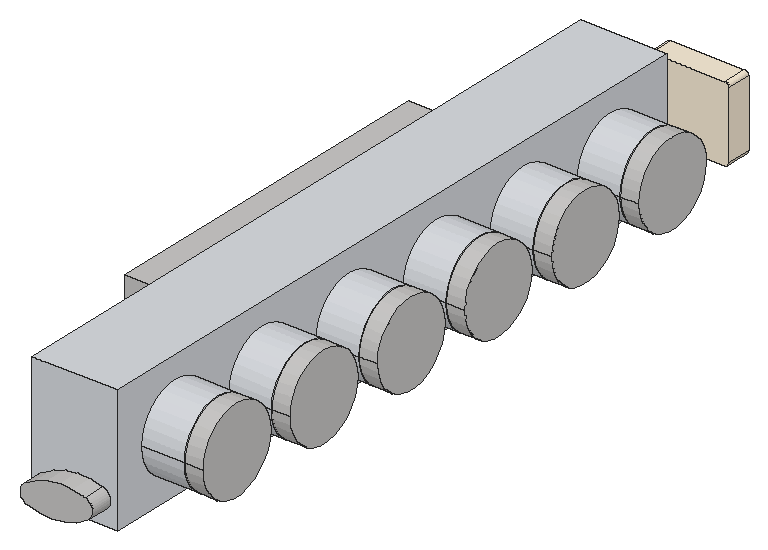
Revit family "HVAC_Ductwork_Airzone_Motorized-Plenum_Samsung_Standard_6-Dampers", category Mechanical Equipment, Revit 2016
Family settings
  Part Type = Normal
  Round Connector Dimension = Use Diameter
  OmniClass Number = 23.75.70.14
  OmniClass Title = Air Ductwork
  Work Plane-Based = No
  Always vertical = Yes
  Cut with Voids When Loaded = No
  Shared = No
  Room Calculation Point = No
Parameters (values of type "SAMST01M6")
  Voltage = 230 V
  URL = "www.airzone.es"
  Type Image Comments = "Image available in product documentation download"  # constant formula
  Revit Model Version = "1.0"  # constant formula
  Revit Model Author URL = "www.a3d.es"
  Revit Model Author = "A3D Consulting"  # constant formula
  Product Documentation Download URL = "http://doc.airzone.es/BIM/Easyzone/Samsung-Airzone_motorized_plenum.zip"
  Product Comments = "Refer to technical documentation for further details"  # constant formula
  Power Factor = 1
  Neck Width = 847.600 mm
  Neck Length = 95.000 mm
  Neck Height = 188.600 mm
  Material = Metal - AIRZONE - Galvanized Sheet - Semi-polished
  Main Control Board Material = Plastic - AIRZONE - Smooth - Off-white
  Load Classification = Other
  Insulated Body Width = 205.000 mm  # constant formula
  Insulated Body Material = Metal -AIRZONE - Insulating Lining -Aluminum Finish
  Insulated Body Length = 1638.600 mm  # constant formula
  Insulated Body Height = 300.000 mm  # constant formula
  Flow [instance] = Damper 6 Air Flow + Damper 5 Air Flow + Damper 4 Air Flow + Damper 3 Air Flow + Damper 2 Air Flow + Damper 1 Air Flow - Fresh Air Inlet 2 Flow - Fresh Air Inlet 1 Flow  # 1800 m³/h
  Fresh Air Inlet 1 Flow [instance] = 0 m³/h
  Fresh Air Inlet 2 Flow [instance] = 0 m³/h
  Fresh Air Inlet Connection Width = 175.000 mm
  Fresh Air Inlet Connection Height = 75.000 mm
  Model = "SAMST01M6"
  Neck Side Offset = 395.500 mm
  Neck Bottom Offset = 78.200 mm
  Type Image = <None>
  Manufacturer = "AIRZONE"  # constant formula
  Main Control Board Depth = 57.000 mm  # constant formula
  Main Control Board Width = 195.000 mm  # constant formula
  Main Control Board Height = 180.000 mm  # constant formula
  Fixing = ""
  Disclaimer = "All information provided in this model is reviewed before being published. However, Airzone cannot guarantee this model is error-free, therefore users are strongly encouraged to check for technical documentation and updates"  # constant formula
  Description = "Airzone standard motorized plenum with neck that mechanically adapts to the main ducted AC units of Samsung."
  Type Comments = ""
  Dampers Length = 149.000 mm  # constant formula
  Dampers Diameter = 200.000 mm  # constant formula
  Damper 6 Air Flow [instance] = 300 m³/h
  Damper 5 Air Flow [instance] = 300 m³/h
  Damper 4 Air Flow [instance] = 300 m³/h
  Damper 1 Air Flow [instance] = 300 m³/h
  Damper 2 Air Flow [instance] = 300 m³/h
  Damper 3 Air Flow [instance] = 300 m³/h
  Fresh Air Inlet Connection Offset Height = 48.305 mm  # constant formula
  Compatible Accesories = ""
  Apparent Load = 57.5 VA
Types (11, lengths in mm): name | Neck Width | Neck Height | Model | Neck Side Offset | Neck Bottom Offset
  SAMST06L6 | 1120.600 | 223.600 | "SAMST06L6" | 234.000 | 43.200
  SAMST06M6 | 820.600 | 223.600 | "SAMST06M6" | 409.000 | 43.200
  SAMST05L6 | 907.600 | 232.600 | "SAMST05L6" | 365.500 | 33.700
  SAMST05M6 | 907.600 | 188.600 | "SAMST05M6" | 365.500 | 78.200
  SAMST04L6 | 1263.600 | 251.600 | "SAMST04L6" | 187.500 | 24.200
  SAMST03L6 | 1170.600 | 223.600 | "SAMST03L6" | 234.000 | 43.200
  SAMST03M6 | 820.600 | 223.600 | "SAMST03M6" | 409.000 | 43.200
  SAMST02XL6 | 1003.600 | 256.600 | "SAMST02XL6" | 317.500 | 21.700
  SAMST02L6 | 907.600 | 232.600 | "SAMST02L6" | 365.500 | 33.700
  SAMST01L6 | 907.600 | 188.600 | "SAMST01L6" | 365.500 | 78.200
  SAMST01M6 | 847.600 | 188.600 | "SAMST01M6" | 395.500 | 78.200
Reference planes
  plane 1 "Center (Front/Back)": y = 0
  plane 2 "Center (Elevation)": z = 0
  plane 3 "Center (Left/Right)": x = 0
  plane 4 "Neck Back": y = 423.8
  plane 5 "Neck Front": y = -423.8
  plane 6 "Neck Top": z = 94.3
  plane 7 "Neck Bottom": z = -94.3
  plane 8 "Left": x = 95
  plane 9 "Bottom": z = -172.5
  plane 10 "Top": z = 127.5
  plane 11 "Front": y = -819.3
  plane 12 "Back": y = 819.3
  plane 13 "Right": x = 300
  plane 14 "Dampers Front": x = 449
  plane 15 "Dampers Center (Elevation)": z = -22.5
  plane 16 "Damper3": y = 130
  plane 17 "Damper2": y = 390
  plane 18 "Damper1": y = 650
  plane 19 "Middle": y = 0
  plane 20 "FreshAir Center (Elevation)": z = -124.195
  plane 21 "FreshAir1": y = 871.8
  plane 22 "FreshAir2": y = -871.8
  plane 23 "Dampers Lining": x = 404
  plane 24 "FreshAir Vertical Axis": x = 195.83
  plane 25 "ConnectionBox Side": x = 254
  plane 26 "Main Control Board Center (Left/Right)": x = 351.5
  plane 27 "Damper4": y = -130
  plane 28 "Damper5": y = -390
  plane 29 "Damper6": y = -650
Forms (mm)
  Extrusion 1, solid, material "Metal - AIRZONE - Galvanized Sheet - Semi-polished" <- "Material"
    sketch origin (0, 0, 0) x (0, 1, 0) y (0, 0, 1)
      loop
        line (-423.8, 94.3) -> (-423.8, -94.3) -> (423.8, -94.3) -> (423.8, 94.3) -> (-423.8, 94.3)
    from 0 to 95
  Extrusion 2, solid, material "Metal -AIRZONE - Insulating Lining -Aluminum Finish" <- "Insulated Body Material"
    sketch origin (95, 0, 0) x (0, 1, 0) y (0, 0, 1)
      loop
        line (-819.3, 127.5) -> (-819.3, -172.5) -> (819.3, -172.5) -> (819.3, 127.5) -> (-819.3, 127.5)
    from 0 to 205
  Extrusion 3, solid, material "Metal - AIRZONE - Galvanized Sheet - Semi-polished" <- "Material"
    sketch origin (300, 0, 0) x (0, 1, 0) y (0, 0, 1)
      loop
        circle (130, -22.5) r 100
    from 104 to 149
  Extrusion 4, solid, material "Metal - AIRZONE - Galvanized Sheet - Semi-polished" <- "Material"
    sketch origin (300, 0, 0) x (0, 1, 0) y (0, 0, 1)
      loop
        circle (390, -22.5) r 100
    from 104 to 149
  Extrusion 5, solid, material "Metal - AIRZONE - Galvanized Sheet - Semi-polished" <- "Material"
    sketch origin (300, 0, 0) x (0, 1, 0) y (0, 0, 1)
      loop
        circle (650, -22.5) r 100
    from 104 to 149
  Extrusion 6, solid, material "Metal - AIRZONE - Galvanized Sheet - Semi-polished" <- "Material"
    sketch origin (0, -819.3, 0) x (0, 0, 1) y (1, 0, 0)
      loop
        arc (-91.641, 265.204) -> (-113.108, 282.105) -> (-137.812, 270.434) r 25.96
        arc (-137.812, 270.434) -> (-163.802, 200.598) -> (-156.349, 126.456) r 164.67
        arc (-156.349, 126.456) -> (-135.165, 109.589) -> (-110.494, 120.751) r 25.96
        arc (-110.494, 120.751) -> (-84.225, 190.78) -> (-91.641, 265.204) r 164.67
    from 0 to -52.5
  Extrusion 7, solid, material "Metal - AIRZONE - Galvanized Sheet - Semi-polished" <- "Material"
    sketch origin (0, 819.3, 0) x (0, 0, 1) y (1, 0, 0)
      loop
        arc (-91.641, 265.204) -> (-112.825, 282.071) -> (-137.496, 270.909) r 25.96
        arc (-137.496, 270.909) -> (-163.679, 201.53) -> (-156.767, 127.699) r 164.67
        arc (-156.767, 127.699) -> (-135.532, 109.637) -> (-110.178, 121.226) r 25.96
        arc (-110.178, 121.226) -> (-84.188, 191.062) -> (-91.641, 265.204) r 164.67
    from 0 to 52.5
  Extrusion 8, solid, material "Metal -AIRZONE - Insulating Lining -Aluminum Finish" <- "Insulated Body Material"
    sketch origin (300, 0, 0) x (0, 1, 0) y (0, 0, 1)
      loop
        circle (650, -22.5) r 100
    from 0 to 104
  Extrusion 9, solid, material "Metal -AIRZONE - Insulating Lining -Aluminum Finish" <- "Insulated Body Material"
    sketch origin (300, -260, 0) x (0, 1, 0) y (0, 0, 1)
      loop
        circle (650, -22.5) r 100
    from 0 to 104
  Extrusion 10, solid, material "Metal -AIRZONE - Insulating Lining -Aluminum Finish" <- "Insulated Body Material"
    sketch origin (300, -520, 0) x (0, 1, 0) y (0, 0, 1)
      loop
        circle (650, -22.5) r 100
    from 0 to 104
  Extrusion 11, solid, material "Metal - AIRZONE - Galvanized Sheet - Semi-polished" <- "Material"
    sketch origin (300, -190, 0) x (0, 1, 0) y (0, 0, 1)
      loop
        circle (60, -22.5) r 100
    from 104 to 149
  Extrusion 12, solid, material "Metal -AIRZONE - Insulating Lining -Aluminum Finish" <- "Insulated Body Material"
    sketch origin (300, -710, 0) x (0, 1, 0) y (0, 0, 1)
      loop
        circle (580, -22.5) r 100
    from 0 to 104
  Extrusion 13, solid, material "Metal -AIRZONE - Insulating Lining -Aluminum Finish" <- "Insulated Body Material"
    sketch origin (300, -970, 0) x (0, 1, 0) y (0, 0, 1)
      loop
        circle (580, -22.5) r 100
    from 0 to 104
  Extrusion 14, solid, material "Metal - AIRZONE - Galvanized Sheet - Semi-polished" <- "Material"
    sketch origin (300, -450, 0) x (0, 1, 0) y (0, 0, 1)
      loop
        circle (60, -22.5) r 100
    from 104 to 149
  Extrusion 15, solid, material "Metal -AIRZONE - Insulating Lining -Aluminum Finish" <- "Insulated Body Material"
    sketch origin (300, -1230, 0) x (0, 1, 0) y (0, 0, 1)
      loop
        circle (580, -22.5) r 100
    from 0 to 104
  Extrusion 16, solid, material "Metal - AIRZONE - Galvanized Sheet - Semi-polished" <- "Material"
    sketch origin (300, -710, 0) x (0, 1, 0) y (0, 0, 1)
      loop
        circle (60, -22.5) r 100
    from 104 to 149
Lines and regions (mm)
  Masking region 1
    outline origin (0, 0, 0) x (1, 0, 0) y (0, 1, 0)
      loop
        line (95, 819.3) -> (95, -819.3) -> (300, -819.3) -> (300, 819.3) -> (95, 819.3)
  Masking region 2, detail levels medium+fine
    outline origin (0, 0, 0) x (1, 0, 0) y (0, 1, 0)
      loop
        line (0, 423.8) -> (0, -423.8) -> (95, -423.8) -> (95, 423.8) -> (0, 423.8)
  Masking region 3, detail levels medium+fine
    outline origin (0, 0, 0) x (1, 0, 0) y (0, 1, 0)
      loop
        line (300, 230) -> (300, 30) -> (449, 30) -> (449, 230) -> (300, 230)
  Masking region 4, detail levels medium+fine
    outline origin (0, 260, 0) x (1, 0, 0) y (0, 1, 0)
      loop
        line (300, 230) -> (300, 30) -> (449, 30) -> (449, 230) -> (300, 230)
  Masking region 5, detail levels medium+fine
    outline origin (0, 520, 0) x (1, 0, 0) y (0, 1, 0)
      loop
        line (300, 230) -> (300, 30) -> (449, 30) -> (449, 230) -> (300, 230)
  Masking region 6, detail levels medium+fine
    outline origin (0, 0, -124.195) x (1, 0, 0) y (0, 1, 0)
      loop
        line (108.33, 871.8) -> (108.33, 819.3) -> (283.33, 819.3) -> (283.33, 871.8) -> (108.33, 871.8)
  Masking region 7, detail levels medium+fine
    outline origin (0, 0, -124.195) x (1, 0, 0) y (0, 1, 0)
      loop
        line (108.33, -819.3) -> (108.33, -871.8) -> (283.33, -871.8) -> (283.33, -819.3) -> (108.33, -819.3)
  Masking region 8, detail levels medium+fine
    outline origin (0, 0, 127.5) x (0, -1, 0) y (1, 0, 0)
      loop
        line (-876.3, 254) -> (-819.3, 254) -> (-819.3, 449) -> (-876.3, 449) -> (-876.3, 254)
  Masking region 9, detail levels medium+fine
    outline origin (0, -190, 0) x (1, 0, 0) y (0, 1, 0)
      loop
        line (300, 160) -> (300, -40) -> (449, -40) -> (449, 160) -> (300, 160)
  Masking region 10, detail levels medium+fine
    outline origin (0, -450, 0) x (1, 0, 0) y (0, 1, 0)
      loop
        line (300, 160) -> (300, -40) -> (449, -40) -> (449, 160) -> (300, 160)
  Masking region 11, detail levels medium+fine
    outline origin (0, -710, 0) x (1, 0, 0) y (0, 1, 0)
      loop
        line (300, 160) -> (300, -40) -> (449, -40) -> (449, 160) -> (300, 160)
  symbolic lines, detail levels coarse
    curve 1: line (95, -819.3, 0) -> (300, 130, 0)
    curve 2: line (300, 130, 0) -> (95, 819.3, 0)
Dimensions and locks
  equal spacing: plane 4 "Neck Back", plane 1 "Center (Front/Back)", plane 5 "Neck Front"
  "Neck Width": plane 4 "Neck Back" to plane 5 "Neck Front"
  equal spacing: plane 6 "Neck Top", level, plane 7 "Neck Bottom"
  "Neck Height": plane 6 "Neck Top" to plane 7 "Neck Bottom"
  "Neck Length": plane 3 "Center (Left/Right)" to plane 8 "Left"
  "Neck Bottom Offset": plane 7 "Neck Bottom" to plane 9 "Bottom"
  "Insulated Body Height": plane 10 "Top" to plane 9 "Bottom"
  "Insulated Body Length": plane 12 "Back" to plane 11 "Front"
  "Insulated Body Width": plane 8 "Left" to plane 13 "Right"
  "Dampers Length": plane 13 "Right" to plane 14 "Dampers Front"
  equal spacing: plane 10 "Top", plane 15 "Dampers Center (Elevation)", plane 9 "Bottom"
  equal spacing: plane 12 "Back", plane 19 "Middle", plane 11 "Front"
  plane 8 "Left" to plane 13 "Right" = 205.000 mm
  "Fresh Air Inlet Connection Offset Height": plane 20 "FreshAir Center (Elevation)" to plane 9 "Bottom"
  locked: Extrusion 6 sketch curve to plane 9 "Bottom" at 56.47
  locked: plane 13 "Right" to Extrusion 6 sketch curve at 43.69
  locked: plane 13 "Right" to Extrusion 6 sketch curve at 164.65
  locked: Extrusion 6 sketch curve to plane 9 "Bottom" at 40.54
  locked: plane 13 "Right" to Extrusion 6 sketch curve at 87.91
  locked: plane 9 "Bottom" to Extrusion 6 sketch curve at 75.01
  locked: plane 13 "Right" to Extrusion 6 sketch curve at 120.43
  locked: Extrusion 6 sketch curve to plane 9 "Bottom" at 172.02
  locked: plane 13 "Right" to Extrusion 7 sketch curve at 43.69
  locked: Extrusion 7 sketch curve to plane 9 "Bottom" at 56.47
  locked: Extrusion 7 sketch curve to plane 9 "Bottom" at 40.54
  locked: plane 13 "Right" to Extrusion 7 sketch curve at 164.65
  locked: plane 13 "Right" to Extrusion 7 sketch curve at 120.43
  locked: Extrusion 7 sketch curve to plane 9 "Bottom" at 172.02
  locked: plane 9 "Bottom" to Extrusion 7 sketch curve at 75.01
  locked: plane 13 "Right" to Extrusion 7 sketch curve at 87.91
  "Neck Side Offset": plane 12 "Back" to plane 4 "Neck Back"
  locked: plane 21 "FreshAir1" to plane 12 "Back" at 52.5
  plane 11 "Front" to plane 22 "FreshAir2" = 52.500 mm
  locked: connector elem to plane 13 "Right" at 104.17
  locked: plane 20 "FreshAir Center (Elevation)" to connector elem
  locked: plane 13 "Right" to connector elem at 104.17
  locked: connector elem to plane 20 "FreshAir Center (Elevation)"
  locked: plane 23 "Dampers Lining" to plane 14 "Dampers Front" at 45
  locked: plane 24 "FreshAir Vertical Axis" to plane 13 "Right" at 104.17
  equal spacing: Masking region 3 sketch curve, plane 16 "Damper3", Masking region 3 sketch curve
  "Dampers Diameter": Masking region 3 sketch curve to Masking region 3 sketch curve
  "Dampers Diameter": Masking region 4 sketch curve to Masking region 4 sketch curve
  equal spacing: Masking region 5 sketch curve, plane 18 "Damper1", Masking region 5 sketch curve
  "Dampers Diameter": Masking region 5 sketch curve to Masking region 5 sketch curve
  equal spacing: Masking region 6 sketch curve, plane 24 "FreshAir Vertical Axis", Masking region 6 sketch curve
  "Fresh Air Inlet Connection Width": Masking region 6 sketch curve to Masking region 6 sketch curve
  equal spacing: Masking region 7 sketch curve, plane 24 "FreshAir Vertical Axis", Masking region 7 sketch curve
  "Fresh Air Inlet Connection Width": Masking region 7 sketch curve to Masking region 7 sketch curve
  "Main Control Board Depth": Masking region 8 sketch curve to plane 12 "Back"
  "Main Control Board Width": plane 25 "ConnectionBox Side" to plane 14 "Dampers Front"
  equal spacing: plane 25 "ConnectionBox Side", plane 26 "Main Control Board Center (Left/Right)", plane 14 "Dampers Front"
  locked: nested 1 to plane 10 "Top" at 10
  equal spacing: Masking region 4 sketch curve, plane 17 "Damper2", Masking region 4 sketch curve
  equal spacing: Masking region 9 sketch curve, plane 27 "Damper4", Masking region 9 sketch curve
  "Dampers Diameter": Masking region 9 sketch curve to Masking region 9 sketch curve
  plane 18 "Damper1" to plane 17 "Damper2" to plane 16 "Damper3" to plane 27 "Damper4" to plane 28 "Damper5" to plane 29 "Damper6" = 260.000 mm locked, 260.000 mm locked, 260.000 mm locked, 260.000 mm locked, 260.000 mm locked
  locked: plane 16 "Damper3" to plane 19 "Middle" at 130
  equal spacing: Masking region 10 sketch curve, plane 28 "Damper5", Masking region 10 sketch curve
  "Dampers Diameter": Masking region 10 sketch curve to Masking region 10 sketch curve
  equal spacing: Masking region 11 sketch curve, plane 29 "Damper6", Masking region 11 sketch curve
  "Dampers Diameter": Masking region 11 sketch curve to Masking region 11 sketch curve
  "Dampers Diameter": diameter of Extrusion 3 sketch curve
  "Dampers Diameter": diameter of Extrusion 4 sketch curve
  "Dampers Diameter": diameter of Extrusion 5 sketch curve
  radius of Extrusion 7 sketch curve = 164.670 mm  (x2)
  radius of Extrusion 7 sketch curve = 25.960 mm  (x2)
  radius of Extrusion 6 sketch curve = 164.670 mm  (x2)
  radius of Extrusion 6 sketch curve = 25.960 mm  (x2)
  "Dampers Diameter": diameter of Extrusion 8 sketch curve
  "Dampers Diameter": diameter of Extrusion 9 sketch curve
  "Dampers Diameter": diameter of Extrusion 10 sketch curve
  "Dampers Diameter": diameter of Extrusion 11 sketch curve
  "Dampers Diameter": diameter of Extrusion 12 sketch curve
  "Dampers Diameter": diameter of Extrusion 13 sketch curve
  "Dampers Diameter": diameter of Extrusion 14 sketch curve
  "Dampers Diameter": diameter of Extrusion 15 sketch curve
  "Dampers Diameter": diameter of Extrusion 16 sketch curve
  aligned and locked: level to plane 2 "Center (Elevation)"
  aligned and locked: plane 5 "Neck Front" to Extrusion 1 sketch curve
  aligned and locked: Extrusion 1 sketch curve to plane 6 "Neck Top"
  aligned and locked: Extrusion 1 sketch curve to plane 4 "Neck Back"
  aligned and locked: plane 7 "Neck Bottom" to Extrusion 1 sketch curve
  aligned and locked: Extrusion 1 to plane 3 "Center (Left/Right)"
  aligned and locked: Extrusion 2 sketch curve to plane 10 "Top"
  aligned and locked: Extrusion 2 sketch curve to plane 12 "Back"
  aligned and locked: Extrusion 2 sketch curve to plane 9 "Bottom"
  aligned and locked: plane 11 "Front" to Extrusion 2 sketch curve
  aligned and locked: Extrusion 2 to plane 13 "Right"
  aligned and locked: Extrusion 2 to plane 8 "Left"
  aligned and locked: plane 16 "Damper3" to Extrusion 3 sketch curve
  aligned and locked: plane 15 "Dampers Center (Elevation)" to Extrusion 3 sketch curve
  aligned and locked: plane 15 "Dampers Center (Elevation)" to Extrusion 4 sketch curve
  aligned and locked: plane 18 "Damper1" to Extrusion 5 sketch curve
  aligned and locked: plane 15 "Dampers Center (Elevation)" to Extrusion 5 sketch curve
  aligned and locked: plane 14 "Dampers Front" to Extrusion 5
  aligned and locked: plane 14 "Dampers Front" to Extrusion 4
  aligned and locked: plane 14 "Dampers Front" to Extrusion 3
  aligned and locked: plane 8 "Left" to Extrusion 1
  aligned and locked: plane 22 "FreshAir2" to Extrusion 6
  aligned and locked: plane 21 "FreshAir1" to Extrusion 7
  aligned and locked: Extrusion 7 to plane 12 "Back"
  aligned and locked: plane 11 "Front" to Extrusion 6
  aligned and locked: Extrusion 5 to plane 23 "Dampers Lining"
  aligned and locked: Extrusion 5 to Extrusion 4
  aligned and locked: Extrusion 4 to Extrusion 3
  aligned and locked: plane 23 "Dampers Lining" to Extrusion 8
  aligned and locked: Extrusion 10 to plane 13 "Right"
  aligned and locked: plane 23 "Dampers Lining" to Extrusion 10
  aligned and locked: Extrusion 9 to plane 13 "Right"
  aligned and locked: plane 23 "Dampers Lining" to Extrusion 9
  aligned and locked: Extrusion 8 to plane 13 "Right"
  aligned and locked: Extrusion 9 to Extrusion 8
  aligned and locked: plane 18 "Damper1" to Extrusion 8 sketch curve
  aligned and locked: plane 15 "Dampers Center (Elevation)" to Extrusion 8 sketch curve
  aligned and locked: plane 15 "Dampers Center (Elevation)" to Extrusion 9 sketch curve
  aligned and locked: plane 16 "Damper3" to Extrusion 10 sketch curve
  aligned and locked: plane 15 "Dampers Center (Elevation)" to Extrusion 10 sketch curve
  aligned and locked: Masking region 1 sketch curve to plane 12 "Back"
  aligned and locked: Masking region 1 sketch curve to plane 8 "Left"
  aligned and locked: Masking region 1 sketch curve to plane 13 "Right"
  aligned and locked: plane 11 "Front" to Masking region 1 sketch curve
  aligned and locked: plane 5 "Neck Front" to Masking region 2 sketch curve
  aligned and locked: plane 3 "Center (Left/Right)" to Masking region 2 sketch curve
  aligned and locked: Masking region 2 sketch curve to plane 4 "Neck Back"
  aligned and locked: Masking region 2 sketch curve to plane 8 "Left"
  aligned and locked: plane 13 "Right" to Masking region 3 sketch curve
  aligned and locked: Masking region 3 sketch curve to plane 14 "Dampers Front"
  aligned and locked: plane 13 "Right" to Masking region 4 sketch curve
  aligned and locked: Masking region 4 sketch curve to plane 14 "Dampers Front"
  aligned and locked: plane 13 "Right" to Masking region 5 sketch curve
  aligned and locked: Masking region 5 sketch curve to plane 14 "Dampers Front"
  aligned and locked: plane 12 "Back" to Masking region 6 sketch curve
  aligned and locked: Masking region 6 sketch curve to plane 21 "FreshAir1"
  aligned and locked: Masking region 7 sketch curve to plane 11 "Front"
  aligned and locked: Masking region 7 sketch curve to plane 22 "FreshAir2"
  aligned and locked: plane 12 "Back" to Masking region 8 sketch curve
  aligned and locked: Masking region 8 sketch curve to plane 14 "Dampers Front"
  aligned and locked: plane 25 "ConnectionBox Side" to Masking region 8 sketch curve
  aligned and locked: plane 17 "Damper2" to Extrusion 9 sketch curve
  aligned and locked: plane 17 "Damper2" to Extrusion 4 sketch curve
  aligned and locked: Masking region 9 sketch curve to plane 14 "Dampers Front"
  aligned and locked: plane 13 "Right" to Masking region 9 sketch curve
  aligned and locked: Extrusion 12 to plane 13 "Right"
  aligned and locked: plane 23 "Dampers Lining" to Extrusion 12
  aligned and locked: Extrusion 11 to plane 23 "Dampers Lining"
  aligned and locked: plane 14 "Dampers Front" to Extrusion 11
  aligned and locked: plane 15 "Dampers Center (Elevation)" to Extrusion 12 sketch curve
  aligned and locked: plane 27 "Damper4" to Extrusion 12 sketch curve
  aligned and locked: plane 15 "Dampers Center (Elevation)" to Extrusion 11 sketch curve
  aligned and locked: plane 27 "Damper4" to Extrusion 11 sketch curve
  aligned and locked: Masking region 10 sketch curve to plane 14 "Dampers Front"
  aligned and locked: plane 13 "Right" to Masking region 10 sketch curve
  aligned and locked: plane 28 "Damper5" to Extrusion 13 sketch curve
  aligned and locked: plane 15 "Dampers Center (Elevation)" to Extrusion 13 sketch curve
  aligned and locked: Extrusion 14 to plane 23 "Dampers Lining"
  aligned and locked: plane 14 "Dampers Front" to Extrusion 14
  aligned and locked: plane 15 "Dampers Center (Elevation)" to Extrusion 14 sketch curve
  aligned and locked: plane 28 "Damper5" to Extrusion 14 sketch curve
  aligned and locked: Masking region 11 sketch curve to plane 14 "Dampers Front"
  aligned and locked: plane 13 "Right" to Masking region 11 sketch curve
  aligned and locked: Extrusion 15 to plane 13 "Right"
  aligned and locked: plane 23 "Dampers Lining" to Extrusion 15
  aligned and locked: plane 29 "Damper6" to Extrusion 15 sketch curve
  aligned and locked: plane 15 "Dampers Center (Elevation)" to Extrusion 15 sketch curve
  aligned and locked: plane 14 "Dampers Front" to Extrusion 16
  aligned and locked: Extrusion 16 to plane 23 "Dampers Lining"
  aligned and locked: plane 15 "Dampers Center (Elevation)" to Extrusion 16 sketch curve
  aligned and locked: plane 29 "Damper6" to Extrusion 16 sketch curve
  aligned and locked: nested 1 to plane 26 "Main Control Board Center (Left/Right)"
Automatic sketch dimensions
  curve 2 to plane 8 "Left" = 0.000 mm
  curve 1 to plane 8 "Left" = 0.000 mm
  curve 2 to plane 13 "Right" = 0.000 mm
  curve 1 to plane 11 "Front" = 0.000 mm
  curve 2 to plane 16 "Damper3" = 0.000 mm
  curve 2 to plane 12 "Back" = 0.000 mm
Nested families
  nested 1: "Airzone_Main-Control-Board" at (351.5, 819.3, 27.5) x (-1, 0, 0) z (0, 1, 0), Extrusion <- "Main Control Board Depth", Height <- "Main Control Board Height", Width <- "Main Control Board Width", Material <- "Main Control Board Material", type "Standard"
    with Width 195.000 mm, Material Plastic - AIRZONE - Smooth - Off-white, Height 180.000 mm, Extrusion 57.000 mm
Connectors
  hvac at (449, 130, -22.5), driven by "Damper 3 Air Flow", driven by "Dampers Diameter"
    settings: on Extrusion 3, index 1, duct flow 300 m³/h, flow factor 0, pres drop 0.0 Pa, loss coef 0, conn angle 0.00°, conn width 304.8 mm, conn height 304.8 mm, conn diameter 200 mm, duct sys type 1, conn prof type 0, flow config 0, flow direction 2, loss method 0, conn ref index -1, conn util no, is conn primary no, conn desc "Supply Air Out 3"
  hvac at (449, 390, -22.5), driven by "Damper 2 Air Flow", driven by "Dampers Diameter"
    settings: on Extrusion 4, index 2, duct flow 300 m³/h, flow factor 0, pres drop 0.0 Pa, loss coef 0, conn angle 0.00°, conn width 304.8 mm, conn height 304.8 mm, conn diameter 200 mm, duct sys type 1, conn prof type 0, flow config 0, flow direction 2, loss method 0, conn ref index -1, conn util no, is conn primary no, conn desc "Supply Air Out 2"
  hvac at (449, 650, -22.5), driven by "Damper 1 Air Flow", driven by "Dampers Diameter"
    settings: on Extrusion 5, index 3, duct flow 300 m³/h, flow factor 0, pres drop 0.0 Pa, loss coef 0, conn angle 0.00°, conn width 304.8 mm, conn height 304.8 mm, conn diameter 200 mm, duct sys type 1, conn prof type 0, flow config 0, flow direction 2, loss method 0, conn ref index -1, conn util no, is conn primary no, conn desc "Supply Air Out 1"
  hvac at (0, 0, 0), driven by "Flow", driven by "Neck Height", driven by "Neck Width"
    settings: on Extrusion 1, index 6, duct flow 1800 m³/h, flow factor 0, pres drop 0.0 Pa, loss coef 0, conn angle 0.00°, conn width 847.6 mm, conn height 188.6 mm, conn diameter 609.6 mm, duct sys type 1, conn prof type 1, flow config 1, flow direction 1, loss method 0, conn ref index -1, conn util no, is conn primary yes, conn desc "Supply Air In"
  hvac at (195.83, -871.8, -124.195), driven by "Fresh Air Inlet 2 Flow", driven by "Fresh Air Inlet Connection Width", driven by "Fresh Air Inlet Connection Height"
    settings: index 7, duct flow 0 m³/h, flow factor 0, pres drop 0.0 Pa, loss coef 0, conn angle 0.00°, conn width 175 mm, conn height 75 mm, conn diameter 609.6 mm, duct sys type 1, conn prof type 2, flow config 1, flow direction 1, loss method 0, conn ref index -1, conn util no, is conn primary no, conn desc "Fresh Air In 2"
  hvac at (195.83, 871.8, -124.195), driven by "Fresh Air Inlet 1 Flow", driven by "Fresh Air Inlet Connection Height", driven by "Fresh Air Inlet Connection Width"
    settings: index 8, duct flow 0 m³/h, flow factor 0, pres drop 0.0 Pa, loss coef 0, conn angle 0.00°, conn width 175 mm, conn height 75 mm, conn diameter 609.6 mm, duct sys type 1, conn prof type 2, flow config 1, flow direction 1, loss method 0, conn ref index -1, conn util no, is conn primary no, conn desc "Fresh Air In 1"
  hvac at (449, -130, -22.5), driven by "Damper 4 Air Flow", driven by "Dampers Diameter"
    settings: on Extrusion 11, index 9, duct flow 300 m³/h, flow factor 0, pres drop 0.0 Pa, loss coef 0, conn angle 0.00°, conn width 304.8 mm, conn height 304.8 mm, conn diameter 200 mm, duct sys type 1, conn prof type 0, flow config 0, flow direction 2, loss method 0, conn ref index -1, conn util no, is conn primary no, conn desc "Supply Air Out 4"
  hvac at (449, -390, -22.5), driven by "Damper 5 Air Flow", driven by "Dampers Diameter"
    settings: on Extrusion 14, index 10, duct flow 300 m³/h, flow factor 0, pres drop 0.0 Pa, loss coef 0, conn angle 0.00°, conn width 304.8 mm, conn height 304.8 mm, conn diameter 200 mm, duct sys type 1, conn prof type 0, flow config 0, flow direction 2, loss method 0, conn ref index -1, conn util no, is conn primary no, conn desc "Supply Air Out 5"
  hvac at (449, -650, -22.5), driven by "Damper 6 Air Flow", driven by "Dampers Diameter"
    settings: on Extrusion 16, index 11, duct flow 300 m³/h, flow factor 0, pres drop 0.0 Pa, loss coef 0, conn angle 0.00°, conn width 304.8 mm, conn height 304.8 mm, conn diameter 200 mm, duct sys type 1, conn prof type 0, flow config 0, flow direction 2, loss method 0, conn ref index -1, conn util no, is conn primary no, conn desc "Supply Air Out 6"
  electrical at (351.5, 876.3, 27.5), driven by "Load Classification", driven by "Voltage", driven by "Apparent Load", driven by "Power Factor"
    settings: on nested 1, index 12, voltage 230 V, apparent load 57.5 VA, apparent load phase1 0 VA, apparent load phase2 0 VA, apparent load phase3 0 VA, power factor 1, load classification "Other", number of poles 1, system type 30, power factor state 1, is connector primary yes, connector utility no, sub classification motor no, connector description "Power Supply"
Definition of nested family "Airzone_Main-Control-Board"
  Parameters (values of type "Standard")
    Width [instance] = 195.000 mm
    URL = "www.airzone.es"
    Revit Model Version = "1.0"  # constant formula
    Revit Model Author URL = "www.a3d.es"
    Revit Model Author = "A3D Consulting"  # constant formula
    Material [instance] = none
    Manufacturer = "AIRZONE"  # constant formula
    Height [instance] = 180.000 mm
    Extrusion [instance] = 57.000 mm
    Default Elevation = 0.000 mm
  Reference planes
    plane 1 "Center (Front/Back)": y = 0
    plane 2: z = 0
    plane 3 "Center (Left/Right)": x = 0
    plane 4: y = 90
    plane 5: y = -90
    plane 6: x = 97.5
    plane 7: x = -97.5
  Forms (mm)
    Extrusion 1, solid, material <- "Material"
      sketch origin (0, 0, 0) x (1, 0, 0) y (0, 1, 0)
        loop
          arc (-87.5, 90) -> (-94.571, 87.071) -> (-97.5, 80) r 10
          line (-97.5, 80) -> (-97.5, -80)
          arc (-97.5, -80) -> (-94.571, -87.071) -> (-87.5, -90) r 10
          line (-87.5, -90) -> (87.5, -90)
          arc (87.5, -90) -> (94.571, -87.071) -> (97.5, -80) r 10
          line (97.5, -80) -> (97.5, 80)
          arc (97.5, 80) -> (94.571, 87.071) -> (87.5, 90) r 10
          line (87.5, 90) -> (-87.5, 90)
      from 0 to 57 <- "Extrusion"
  Dimensions and locks
    equal spacing: plane 7, plane 3 "Center (Left/Right)", plane 6
    equal spacing: plane 4, plane 1 "Center (Front/Back)", plane 5
    "Width": plane 7 to plane 6
    "Height": plane 4 to plane 5
    radius of Extrusion 1 sketch curve = 10.000 mm  (x4)
    aligned and locked: level to plane 2
    aligned and locked: plane 5 to Extrusion 1 sketch curve
    aligned and locked: Extrusion 1 sketch curve to plane 6
    aligned and locked: Extrusion 1 sketch curve to plane 4
    aligned and locked: plane 7 to Extrusion 1 sketch curve
